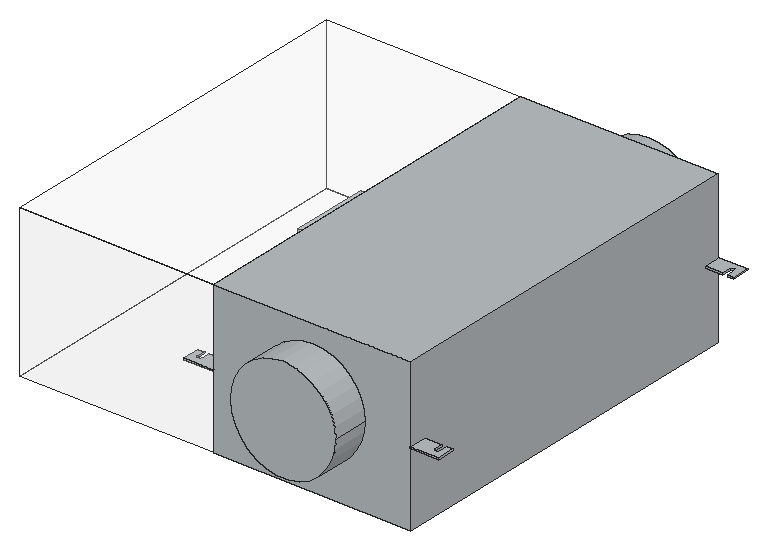
Revit family "bfs-120_210shu2_thu2_50Hz", category 機械設備, Revit 2019
Family settings
  丸型コネクタ寸法 = 直径を使用
  パーツ タイプ = 割り込み
  OmniClass 番号 = 23.75.35.17.27
  OmniClass タイトル = Centrifugal Fans
  作業面ベース = いいえ
  常に垂直 = はい
  ロード時にボイドで切り取り = いいえ
  共有 = いいえ
  部屋計算ポイント = はい
Parameters (values of type "BFS-120SHU2")
  騒音レベル(dB(A))_吸込 = 41
  騒音レベル(dB(A))_吐出 = 46.5
  騒音レベル(dB(A))_側面 = 33
  騒音レベル(dB(A)) = 46.5
  風量 [instance] = 設計風量  # 0.0 m³/h
  電源種別 [instance] = "一般"
  電圧 = 100 V
  電動機出力 = 270 W
  電動機_種別 [instance] = ""
  運転質量 = 0.00 kg
  連動 [instance] = ""
  質量 = if(製品質量 > 運転質量, 製品質量, 運転質量) * 1.2  # 33.60 kg
  負荷分類 = 3_ファン類
  説明 = "ストレートシロッコファン天吊埋込タイプ（消音形排気消音タイプ）"
  設計風量 [instance] = 0.0 m³/h
  設置方法 = "天吊"
  記号 [instance] = ""
  製造元 = "三菱電機株式会社"
  製品質量 = 28.00 kg
  製品出荷対象 = "国内"
  製品リリース年月 = "2022年6月1日"
  製品グループ = ""
  系統 [instance] = ""
  符号 [instance] = if(☑給気／□排気, "FS", "FE")  # "FE"
  積算_科目 = "2 換気設備"
  積算_拾い区分 [instance] = ""
  相 = 1
  盤記号 [instance] = ""
  盤工事区分 = "電気工事"
  発停方法 [instance] = "別売スイッチ"
  番手 = "#1 1/2"
  特殊仕様 [instance] = ""
  火災停止 = ""
  消費電力 = 260 W
  法定耐用年数 = "15"
  機外静圧 [instance] = 0.0 Pa
  極数 = 2
  極 = 4
  材質 [instance] = ""
  本体マテリアル = 溶融亜鉛めっき鋼板
  操作・制御方式 = ""
  操作・制御スイッチ = ""
  排気量 [instance] = if(☑給気／□排気, 0.0 m³/h, 設計風量)  # 0.0 m³/h
  形式 = ""
  形名 = BFS-SHU : BFS-120SHU
  幹線記号 [instance] = ""
  対象室 [instance] = ""
  実風量 = 0.0 m³/h
  始動方式 [instance] = "直入"
  外気量 [instance] = if(☑給気／□排気, 設計風量, 0.0 m³/h)  # 0.0 m³/h
  呼称 = "消音ボックス付送風機"
  周波数 = 50 Hz
  天吊金具ピッチ幅 = 550 mm
  天吊金具ピッチ奥行 = 851 mm
  参照している仕様書等のバージョン = ""
  分類コード = "50052502100020"
  分類グループ = ""
  価格 = 246000
  企業コード = "108420"
  付属品_防振装置 = ""
  付属品 [instance] = ""
  仕様書バージョン = "Version1.0"
  モデル = "BFS-120SHU2"
  ファンの種類 = "多翼形"
  ダクト径 = 250 mm
  サービススペース = yes
  コメント [instance] = ""
  Keynote = ""
  ☑給気／□排気 [instance] = no
  Width = 455 mm
  Version = ""
  Uniclass2015Version = "Systems v1.9"
  Uniclass2015Title = "Centrifugal fans"
  Uniclass2015Code = "Pr_65_67_29_12"
  URL = "https://www.mitsubishielectric.co.jp/ldg/wink/ssl/displayProduct.do?pid=318950"
  SpecificationReference = ""
  SpecificationDescription = ""
  Revision = ""
  ProductInformation = ""
  OmniClassCode = "23-33 31 19 13 15"
  MIN風量 = 1070.0 m³/h
  MIN静圧 = 167.0 Pa
  MID風量 = 0.0 m³/h
  MID静圧 = 0.0 Pa
  MAX風量 = 1200.0 m³/h
  MAX静圧 = 210.0 Pa
  M = 85 mm
  IfcTypeProduct = ""
  IfcProduct = ""
  IfcExportType = "CENTRIFUGALFORWARDCURVED"
  IfcExportAs = "IfcFanType"
  Height = 350 mm
  Depth = 887 mm
  Clearance Top = 0 mm  # constant formula
  Clearance Right = 0 mm  # constant formula
  Clearance Left = 450 mm  # constant formula
  Clearance Front = 0 mm  # constant formula
  Clearance Bottom = 0 mm  # constant formula
  Clearance Back = 0 mm  # constant formula
  Author = "三菱電機株式会社"
Types (6, lengths in mm): name | 騒音レベル(dB(A))_吸込 | 騒音レベル(dB(A))_吐出 | 騒音レベル(dB(A))_側面 | 騒音レベル(dB(A)) | 電圧 | 電動機出力 | 質量 | 製品質量 | 相 | 消費電力 | 極数 | 形名 | 天吊金具ピッチ幅 | 天吊金具ピッチ奥行 | 価格 | モデル | ダクト径 | Width | URL | MIN風量 | MIN静圧 | MAX風量 | MAX静圧 | M | Depth
  BFS-120SHU2 | 41 | 46.5 | 33 | 46.5 | 100 V | 270 W | 33.60 kg | 28.00 kg | 1 | 260 W | 2 | BFS-SHU : BFS-120SHU | 550 | 851 | 246000 | "BFS-120SHU2" | 250 | 455 | "https://www.mitsubishielectric.co.jp/ldg/wink/ssl/displayProduct.do?pid=318950" | 1070.0 m³/h | 167.0 Pa | 1200.0 m³/h | 210.0 Pa | 85 | 887
  BFS-150SHU2 | 41.5 | 49.5 | 36 | 49.5 | 100 V | 300 W | 36.00 kg | 30.00 kg | 1 | 368 W | 2 | BFS-SHU : BFS-150SHU | 550 | 1005 | 256000 | "BFS-150SHU2" | 250 | 455 | "https://www.mitsubishielectric.co.jp/ldg/wink/ssl/displayProduct.do?pid=318958" | 1300.0 m³/h | 146.0 Pa | 1500.0 m³/h | 195.0 Pa | 85 | 1041
  BFS-120THU2 | 41 | 46.5 | 33 | 46.5 | 200 V | 240 W | 33.60 kg | 28.00 kg | 3 | 260 W | 3 | BFS-THU : BFS-120THU | 550 | 851 | 246000 | "BFS-120THU2" | 250 | 455 | "https://www.mitsubishielectric.co.jp/ldg/wink/ssl/displayProduct.do?pid=318954" | 895.0 m³/h | 116.0 Pa | 1200.0 m³/h | 210.0 Pa | 85 | 887
  BFS-150THU2 | 41.5 | 49.5 | 36 | 49.5 | 200 V | 300 W | 36.00 kg | 30.00 kg | 3 | 372 W | 3 | BFS-THU : BFS-150THU | 550 | 1005 | 256000 | "BFS-150THU2" | 250 | 455 | "https://www.mitsubishielectric.co.jp/ldg/wink/ssl/displayProduct.do?pid=318966" | 1165.0 m³/h | 117.0 Pa | 1500.0 m³/h | 195.0 Pa | 85 | 1041
  BFS-180THU2 | 42.5 | 50.5 | 37 | 50.5 | 200 V | 550 W | 38.40 kg | 32.00 kg | 3 | 425 W | 3 | BFS-THU : BFS-180THU | 600 | 1005 | 300000 | "BFS-180THU2" | 250 | 505 | "https://www.mitsubishielectric.co.jp/ldg/wink/ssl/displayProduct.do?pid=319028" | 0.0 m³/h | 0.0 Pa | 1800.0 m³/h | 167.0 Pa | 85 | 1041
  BFS-210THU2 | 44.5 | 51.5 | 39 | 51.5 | 200 V | 750 W | 40.80 kg | 34.00 kg | 3 | 535 W | 3 | BFS-THU : BFS-210THU | 620 | 1142 | 371000 | "BFS-210THU2" | 300 | 525 | "https://www.mitsubishielectric.co.jp/ldg/wink/ssl/displayProduct.do?pid=319037" | 0.0 m³/h | 0.0 Pa | 2100.0 m³/h | 191.0 Pa | 100 | 1178
Reference planes
  plane 1 "中心(正面/背面)": y = 0
  plane 2: z = 0
  plane 3 "中心(左/右)": x = 0
  plane 4 "4": x = 0
  plane 5 "3": x = 0
  plane 6 "左": x = -227.5
  plane 7 "右": x = 227.5
  plane 8 "背面": y = 443.5
  plane 9 "正面": y = -443.5
  plane 10: z = 175
  plane 11: y = 425.5
  plane 12: y = -425.5
  plane 13: x = 275
  plane 14: x = -275
  plane 15: z = -175
  plane 16: z = 175
  plane 17: z = -175
  plane 18: y = 443.5
  plane 19: y = -443.5
  plane 20: x = 227.5
  plane 21: x = -677.5
Lines and regions (mm)
  Masking region 1, detail levels coarse+medium
    outline origin (-348.578, -961.862, 0) x (1, 0, 0) y (0, 1, 0)
      loop
        line (121.078, 518.362) -> (576.078, 518.362) -> (576.078, 1405.362) -> (121.078, 1405.362) -> (121.078, 518.362)
  symbolic lines, detail levels coarse+medium
    curve 1: line (-227.5, 443.5, 0) -> (227.5, 0, 0)
    curve 2: line (227.5, 0, 0) -> (-227.5, -443.5, 0)
Dimensions and locks
  equal spacing: plane 6 "左", plane 5 "3", plane 7 "右"
  "Width": plane 6 "左" to plane 7 "右"
  equal spacing: plane 9 "正面", plane 1 "中心(正面/背面)", plane 8 "背面"
  "Depth": plane 9 "正面" to plane 8 "背面"
  equal spacing: plane 10, level, plane 15
  "Height": plane 10 to plane 15
  "Clearance Top": plane 16 to plane 10
  "Clearance Bottom": plane 15 to plane 17
  "Clearance Back": plane 8 "背面" to plane 18
  "Clearance Front": plane 19 to plane 9 "正面"
  "Clearance Left": plane 21 to plane 6 "左"
  "Clearance Right": plane 7 "右" to plane 20
  equal spacing: plane 12, plane 1 "中心(正面/背面)", plane 11
  "天吊金具ピッチ奥行": plane 12 to plane 11
  equal spacing: plane 14, plane 5 "3", plane 13
  "天吊金具ピッチ幅": plane 14 to plane 13
  aligned and locked: level to plane 2
  aligned and locked: nested 1 to plane 11
  aligned and locked: plane 12 to nested 1
  aligned and locked: plane 14 to nested 1
  aligned and locked: plane 13 to nested 1
  aligned and locked: plane 21 to nested 2
  aligned and locked: plane 19 to nested 2
  aligned and locked: plane 16 to nested 2
  aligned and locked: plane 17 to nested 2
  aligned and locked: plane 18 to nested 2
  aligned and locked: plane 6 "左" to nested 2
  aligned and locked: nested 3 to plane 5 "3"
  aligned and locked: plane 1 "中心(正面/背面)" to nested 3
  aligned and locked: plane 10 to nested 3
  aligned and locked: plane 7 "右" to Masking region 1
  aligned and locked: Masking region 1 to plane 6 "左"
  aligned and locked: Masking region 1 to plane 8 "背面"
  aligned and locked: plane 9 "正面" to Masking region 1
Automatic sketch dimensions
  plane 14 to Masking region 1 sketch curve = 47.5 mm
  plane 3 "中心(左/右)" to Masking region 1 sketch curve = 227.5 mm
  plane 9 "正面" to Masking region 1 sketch curve = 0 mm
  Masking region 1 sketch curve to plane 12 = 869 mm
  curve 2 to plane 6 "左" = 0 mm
  curve 1 to plane 6 "左" = 0 mm
  curve 2 to plane 7 "右" = 0 mm
  plane 1 "中心(正面/背面)" to curve 1 = 0 mm
  plane 9 "正面" to curve 2 = 0 mm
  plane 8 "背面" to curve 1 = 0 mm
Nested families
  nested 1: "固定点" at (-275, -425.5, 0), type "固定点"
    with W 550 mm, D 851 mm
  nested 2: "サービススペース" at (-452.5, 0, 0), visible <- "サービススペース", type "サービススペース"
    with Width 450 mm, Height 350 mm, Depth 887 mm
  nested 3: "BFS-SHU" at (0, 0, -175) x (0, -1, 0) z (0, 0, 1), type <- "形名", type "BFS-120SHU"
Connectors
  hvac at (0, -528.5, 12), driven by "ダクト径", driven by "機外静圧", driven by "風量"
    settings: on nested 3, index 2, duct flow 0.0 m³/h, flow factor 0, pres drop 0.0 Pa, loss coef 0, conn angle 0.00°, conn width 304.8 mm, conn height 304.8 mm, conn diameter 250 mm, duct sys type 29, conn prof type 0, flow config 0, flow direction 2, loss method 4, conn ref index -1, conn util no, is conn primary yes, conn desc "Out"
  hvac at (0, 528.5, 12), driven by "ダクト径", driven by "機外静圧", driven by "風量"
    settings: on nested 3, index 3, duct flow 0.0 m³/h, flow factor 0, pres drop 0.0 Pa, loss coef 0, conn angle 0.00°, conn width 304.8 mm, conn height 304.8 mm, conn diameter 250 mm, duct sys type 29, conn prof type 0, flow config 0, flow direction 1, loss method 4, conn ref index -1, conn util no, is conn primary no, conn desc "In"
  electrical at (-263.3, -66, 74), driven by "極数", driven by "負荷分類", driven by "電圧", driven by "消費電力"
    settings: on nested 3, index 4, voltage 100 V, apparent load 260 VA, apparent load phase1 0 VA, apparent load phase2 0 VA, apparent load phase3 0 VA, power factor 1, load classification "3_ファン類", number of poles 2, system type 30, power factor state 1, is connector primary yes, connector utility no, sub classification motor no, connector description ""
Definition of nested family "サービススペース"
  Parameters (values of type "サービススペース")
    Width [instance] = 500 mm
    Height [instance] = 500 mm
    Depth [instance] = 500 mm
  Reference planes
    plane 1 "中心(正面/背面)": y = 0
    plane 2: z = 0
    plane 3 "中心(左/右)": x = 0
    plane 4: y = -250
    plane 5: x = 250
    plane 6: y = 250
    plane 7: x = -250
    plane 8: z = 250
    plane 9: z = -250
  Forms (mm)
    Extrusion 1, solid
      sketch origin (-638.939, 0, 72.39) x (1, 0, 0) y (0, 1, 0)
        loop
          line (388.939, 250) -> (388.939, -250) -> (888.939, -250) -> (888.939, 250) -> (388.939, 250)
      from -322.39 to 177.61
  Lines and regions (mm)
    symbolic lines
      curve 1: line (-250, 0, 250) -> (250, 0, 250)
      curve 2: line (-250, 0, -250) -> (-250, 0, 250)
      curve 3: line (250, 0, -250) -> (-250, 0, -250)
      curve 4: line (250, 0, 250) -> (250, 0, -250)
      curve 5: line (0, -250, 250) -> (0, 250, 250)
      curve 6: line (0, -250, -250) -> (0, -250, 250)
      curve 7: line (0, 250, -250) -> (0, -250, -250)
      curve 8: line (0, 250, 250) -> (0, 250, -250)
      curve 9: line (-250, 250, 0) -> (250, 250, 0)
      curve 10: line (-250, -250, 0) -> (-250, 250, 0)
      curve 11: line (250, -250, 0) -> (-250, -250, 0)
      curve 12: line (250, 250, 0) -> (250, -250, 0)
  Dimensions and locks
    equal spacing: plane 7, plane 3 "中心(左/右)", plane 5
    equal spacing: plane 4, plane 1 "中心(正面/背面)", plane 6
    "Depth": plane 4 to plane 6
    "Width": plane 7 to plane 5
    equal spacing: plane 8, plane 2, plane 9
    "Height": plane 8 to plane 9
    aligned and locked: plane 9 to curve 3
    aligned and locked: plane 7 to curve 2
    aligned and locked: curve 4 to plane 5
    aligned and locked: plane 5 to Extrusion 1
    aligned and locked: Extrusion 1 to plane 7
    aligned and locked: Extrusion 1 to plane 9
    aligned and locked: plane 8 to Extrusion 1
    aligned and locked: plane 9 to curve 7
  Automatic sketch dimensions
    plane 4 to Extrusion 1 sketch curve = 0 mm
    Extrusion 1 sketch curve to plane 7 = 0 mm
    Extrusion 1 sketch curve to plane 5 = 0 mm
    plane 6 to Extrusion 1 sketch curve = 0 mm
    curve 2 to plane 8 = 0 mm
    plane 4 to curve 11 = 0 mm
    curve 11 to plane 7 = 0 mm
    curve 11 to plane 5 = 0 mm
    plane 6 to curve 10 = 0 mm
    curve 7 to plane 4 = 0 mm
    curve 7 to plane 6 = 0 mm
    curve 6 to plane 8 = 0 mm
Definition of nested family "BFS-SHU"
  Parameters (values of type "BFS-150SHU")
    端子カバー高 = 155 mm  # constant formula
    端子カバー手前位置 = 341 mm
    端子カバー幅 = 35.8 mm  # constant formula
    端子カバー奥行 = 181 mm  # constant formula
    端子カバー上位置 = 23.5 mm
    吊りボルト幅 = 1005 mm
    吊りボルト奥行 = 550 mm
    マテリアル = none
    ダクト位置高 = 163 mm  # constant formula
    φ = 242 mm
    b = 389 mm
    a = 85 mm
    W = 1041 mm
    H = 350 mm
    c = 341 mm
    D = 455 mm
  Types (2, lengths in mm): name | 端子カバー手前位置 | 吊りボルト幅 | W | c
    BFS-120SHU | 287 | 851 | 887 | 287
    BFS-150SHU | 341 | 1005 | 1041 | 341
  Reference planes
    plane 1 "中心(正面/背面)": y = 0
    plane 2: z = 0
    plane 3 "中心(左/右)": x = 0
    plane 4: y = 227.5
    plane 5: y = 275
    plane 6: y = 295
    plane 7: y = -227.5
    plane 8: y = -275
    plane 9: y = -295
    plane 10: x = -520.5
    plane 11: x = -502.5
    plane 12: x = -523.5
    plane 13: x = 520.5
    plane 14: x = 502.5
    plane 15: x = 523.5
    plane 16: z = 350
    plane 17: z = 600
    plane 18: z = 900
    plane 19: z = 1200
    plane 20: x = -209.5
    plane 21: x = 179.5
    plane 22: x = 605.5
    plane 23: x = -605.5
    plane 24: z = 175
    plane 25: z = 172
    plane 26: z = 134
    plane 27: x = -482.5
    plane 28: z = 157
    plane 29: x = 482.5
    plane 30: y = 230.5
    plane 31: x = -1.5
    plane 32: z = 350
    plane 33: z = 171.5
    plane 34: y = -263.3
    plane 35: z = 326.5
    plane 36: z = 187
  Forms (mm)
    Extrusion 1, solid, material <- "マテリアル", detail levels fine
      sketch origin (0, 0, 0) x (1, 0, 0) y (0, 1, 0)
        loop
          line (-520.5, 227.5) -> (-520.5, -227.5) -> (520.5, -227.5) -> (520.5, 227.5) -> (-520.5, 227.5)
      from 0 to 350
    Extrusion 2, solid, material <- "マテリアル", detail levels fine
      sketch origin (0, 0, 0) x (1, 0, 0) y (0, 1, 0)
        loop
          line (-523.5, -227.5) -> (-523.5, -295) -> (-482.5, -295) -> (-482.5, -280.5) -> (-502.5, -280.5)
          arc (-502.5, -280.5) -> (-508, -275) -> (-502.5, -269.5) r 5.5
          line (-502.5, -269.5) -> (-482.5, -269.5) -> (-482.5, -227.5) -> (-523.5, -227.5)
      from 172 to 175
    Extrusion 3, solid, material <- "マテリアル", detail levels fine
      sketch origin (0, 0, 0) x (1, 0, 0) y (0, 1, 0)
        loop
          line (-523.5, 227.5) -> (-482.5, 227.5) -> (-482.5, 269.5) -> (-502.5, 269.5)
          arc (-502.5, 269.5) -> (-508, 275) -> (-502.5, 280.5) r 5.5
          line (-502.5, 280.5) -> (-482.5, 280.5) -> (-482.5, 295) -> (-523.5, 295) -> (-523.5, 227.5)
      from 172 to 175
    Extrusion 4, solid, material <- "マテリアル", detail levels fine
      sketch origin (0, 0, 0) x (-1, 0, 0) y (0, -1, 0)
        loop
          line (-523.5, 227.5) -> (-482.5, 227.5) -> (-482.5, 269.5) -> (-502.5, 269.5)
          arc (-502.5, 269.5) -> (-508, 275) -> (-502.5, 280.5) r 5.5
          line (-502.5, 280.5) -> (-482.5, 280.5) -> (-482.5, 295) -> (-523.5, 295) -> (-523.5, 227.5)
      from 172 to 175
    Extrusion 5, solid, material <- "マテリアル", detail levels fine
      sketch origin (0, 0, 0) x (0, 1, 0) y (0, 0, 1)
        loop
          circle (0, 187) r 121
      from -520.5 to -605.5
    Extrusion 6, solid, material <- "マテリアル", detail levels fine
      sketch origin (0, 0, 0) x (0, 1, 0) y (0, 0, -1)
        loop
          circle (0, -187) r 121
      from -520.5 to -605.5
    Extrusion 7, solid, material <- "マテリアル", detail levels fine
      sketch origin (0, 0, 0) x (1, 0, 0) y (0, 0, 1)
        loop
          line (179.5, 326.5) -> (-1.5, 326.5) -> (-1.5, 171.5) -> (179.5, 171.5) -> (179.5, 326.5)
      from 227.5 to 263.3
    Extrusion 8, solid, material <- "マテリアル", detail levels fine
      sketch origin (0, 0, 0) x (-1, 0, 0) y (0, -1, 0)
        loop
          line (-523.5, -227.5) -> (-523.5, -295) -> (-482.5, -295) -> (-482.5, -280.5) -> (-502.5, -280.5)
          arc (-502.5, -280.5) -> (-508, -275) -> (-502.5, -269.5) r 5.5
          line (-502.5, -269.5) -> (-482.5, -269.5) -> (-482.5, -227.5) -> (-523.5, -227.5)
      from 172 to 175
  Dimensions and locks
    plane 12 to plane 15 = 1047 mm
    "吊りボルト幅": plane 11 to plane 14
    "W": plane 10 to plane 13
    plane 9 to plane 6 = 590 mm
    "吊りボルト奥行": plane 8 to plane 5
    "D": plane 7 to plane 4
    equal spacing: plane 7, plane 1 "中心(正面/背面)", plane 4
    equal spacing: plane 10, plane 3 "中心(左/右)", plane 13
    "H": plane 16 to level
    locked: plane 5 to plane 6 at 20
    locked: plane 9 to plane 8 at 20
    locked: plane 13 to plane 15 at 3
    locked: plane 12 to plane 10 at 3
    equal spacing: plane 16, plane 24, level
    locked: plane 24 to plane 25 at 3
    locked: plane 24 to plane 26 at 41
    locked: plane 12 to plane 27 at 41
    locked: plane 25 to plane 28 at 15
    locked: plane 29 to plane 15 at 41
    locked: plane 30 to plane 4 at 3
    "a": plane 23 to plane 10
    "a": plane 13 to plane 22
    "端子カバー手前位置": plane 13 to plane 21
    "b": plane 21 to plane 20
    "端子カバー奥行": plane 21 to plane 31
    "端子カバー幅": plane 34 to plane 7
    equal spacing: plane 11, plane 3 "中心(左/右)", plane 14
    equal spacing: plane 8, plane 1 "中心(正面/背面)", plane 5
    "端子カバー上位置": plane 32 to plane 35
    "ダクト位置高": plane 32 to plane 36
    "端子カバー高": plane 35 to plane 33
    "φ": diameter of Extrusion 5 sketch curve
    "φ": diameter of Extrusion 6 sketch curve
    aligned and locked: level to plane 2
    aligned and locked: plane 4 to Extrusion 1 sketch curve
    aligned and locked: plane 10 to Extrusion 1 sketch curve
    aligned and locked: Extrusion 1 sketch curve to plane 7
    aligned and locked: Extrusion 1 sketch curve to plane 13
    aligned and locked: plane 16 to Extrusion 1
    aligned and locked: plane 7 to Extrusion 2 sketch curve
    aligned and locked: plane 12 to Extrusion 2 sketch curve
    aligned and locked: Extrusion 2 sketch curve to plane 9
    aligned and locked: Extrusion 2 sketch curve to plane 27  (x2)
    aligned and locked: plane 11 to Extrusion 2 sketch curve
    aligned and locked: plane 8 to Extrusion 2 sketch curve
    aligned and locked: plane 24 to Extrusion 2
    aligned and locked: Extrusion 2 to plane 25
    aligned and locked: plane 27 to Extrusion 3 sketch curve  (x2)
    aligned and locked: plane 5 to Extrusion 3 sketch curve
    aligned and locked: plane 11 to Extrusion 3 sketch curve
    aligned and locked: Extrusion 3 sketch curve to plane 6
    aligned and locked: Extrusion 3 sketch curve to plane 12
    aligned and locked: plane 4 to Extrusion 3 sketch curve
    aligned and locked: plane 24 to Extrusion 3
    aligned and locked: Extrusion 3 to plane 25
    aligned and locked: plane 9 to Extrusion 4 sketch curve
    aligned and locked: plane 15 to Extrusion 4 sketch curve
    aligned and locked: Extrusion 4 sketch curve to plane 7
    aligned and locked: Extrusion 4 sketch curve to plane 29  (x2)
    aligned and locked: plane 14 to Extrusion 4 sketch curve
    aligned and locked: plane 8 to Extrusion 4 sketch curve
    aligned and locked: Extrusion 4 to plane 25
    aligned and locked: plane 24 to Extrusion 4
    aligned and locked: plane 1 "中心(正面/背面)" to Extrusion 5 sketch curve
    aligned and locked: Extrusion 5 to plane 23
    aligned and locked: plane 1 "中心(正面/背面)" to Extrusion 6 sketch curve
    aligned and locked: plane 22 to Extrusion 6
    aligned and locked: plane 21 to Extrusion 7 sketch curve
    aligned and locked: Extrusion 7 sketch curve to plane 33
    aligned and locked: Extrusion 7 sketch curve to plane 31
    aligned and locked: Extrusion 7 to plane 7
    aligned and locked: plane 6 to Extrusion 8 sketch curve
    aligned and locked: plane 29 to Extrusion 8 sketch curve  (x2)
    aligned and locked: Extrusion 8 sketch curve to plane 4
    aligned and locked: Extrusion 8 sketch curve to plane 15
    aligned and locked: plane 5 to Extrusion 8 sketch curve
    aligned and locked: plane 14 to Extrusion 8 sketch curve
    aligned and locked: plane 24 to Extrusion 8
    aligned and locked: Extrusion 8 to plane 25
    aligned and locked: plane 35 to Extrusion 7 sketch curve
    aligned and locked: plane 36 to Extrusion 6 sketch curve
    aligned and locked: plane 36 to Extrusion 5 sketch curve
    aligned and locked: Extrusion 6 to plane 13
    aligned and locked: plane 10 to Extrusion 5
    aligned and locked: plane 34 to Extrusion 7
  Automatic sketch dimensions
    Extrusion 2 sketch curve to plane 11 = 0 mm
    plane 8 to Extrusion 2 sketch curve = 5.5 mm
    Extrusion 3 sketch curve to plane 11 = 0 mm
    plane 5 to Extrusion 3 sketch curve = 5.5 mm
    Extrusion 4 sketch curve to plane 14 = 0 mm
    Extrusion 4 sketch curve to plane 8 = 5.5 mm
    Extrusion 8 sketch curve to plane 14 = 0 mm
    Extrusion 8 sketch curve to plane 5 = 5.5 mm
Definition of nested family "固定点"
  Parameters (values of type "固定点")
    中心円 = 11 mm
    W [instance] = 1000 mm
    D [instance] = 1000 mm
  Reference planes
    plane 1 "中心(正面/背面)": y = 0
    plane 2: z = 0
    plane 3 "中心(左/右)": x = 0
    plane 4: x = 1000
    plane 5: y = 1000
  Lines and regions (mm)
    symbolic lines, detail levels fine
      curve 1: circle (0, 1000, 0) r 5.5 normal (0, 0, 1)
      curve 2: circle (0, 0, 0) r 5.5 normal (0, 0, 1)
      curve 3: circle (1000, 1000, 0) r 5.5 normal (0, 0, 1)
      curve 4: circle (1000, 0, 0) r 5.5 normal (0, 0, 1)
      curve 5: line (-200, 1000, 0) -> (1200, 1000, 0)
      curve 6: line (-200, 0, 0) -> (1200, 0, 0)
      curve 7: line (0, 1200, 0) -> (0, -200, 0)
      curve 8: line (1000, 1200, 0) -> (1000, -200, 0)
  Dimensions and locks
    "W": plane 3 "中心(左/右)" to plane 4
    "D": plane 1 "中心(正面/背面)" to plane 5
    "中心円": diameter of curve 1
    "中心円": diameter of curve 2
    "中心円": diameter of curve 3
    "中心円": diameter of curve 4
    aligned and locked: level to plane 2
    aligned and locked: plane 5 to curve 1
    aligned and locked: plane 3 "中心(左/右)" to curve 1
    aligned and locked: plane 3 "中心(左/右)" to curve 2
    aligned and locked: plane 1 "中心(正面/背面)" to curve 2
    aligned and locked: plane 4 to curve 3
    aligned and locked: plane 5 to curve 3
    aligned and locked: plane 1 "中心(正面/背面)" to curve 4
    aligned and locked: plane 4 to curve 4
    aligned and locked: plane 1 "中心(正面/背面)" to curve 6
    aligned and locked: curve 7 to plane 3 "中心(左/右)"
    aligned and locked: curve 8 to plane 4
  Automatic sketch dimensions
    curve 5 to plane 5 = 0 mm
    curve 6 to plane 3 "中心(左/右)" = 200 mm
    curve 5 to plane 3 "中心(左/右)" = 200 mm
    curve 4 to curve 6 = 200 mm
    curve 3 to curve 5 = 200 mm
    plane 1 "中心(正面/背面)" to curve 8 = 200 mm
    plane 1 "中心(正面/背面)" to curve 7 = 200 mm
    curve 3 to curve 8 = 200 mm
    curve 1 to curve 7 = 200 mm
